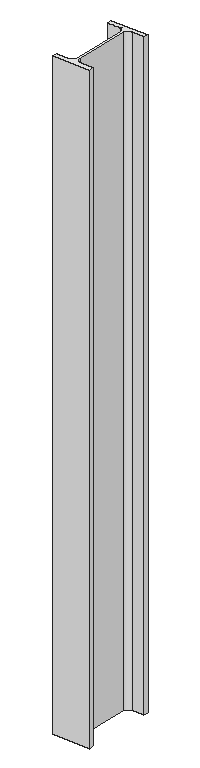
Revit family "I-기둥", category 구조 기둥, Revit 2026
Family settings
  단면 모양 = 정의되지 않음
  모델 동작 재료 = 스틸
  항상 형상으로 내보내기 = 아니오
  평면의 보 전환 = 경계 상자에서
  로드될 때 보이드를 사용하여 절단 = 아니오
  기호 표현 = 프로젝트 설정에서
  공유 = 아니오
  평면도에서 미리 절단된 패밀리 표시 = 예
Parameters (values of type "I300X65.5")
  Assembly Code = ""
  Structural Material [instance] = 금속 - 스틸 - 345 MPa
  A = 0.008 m²
  W = 0.64234
  bf = 150 mm
  d = 300 mm
  k = 38 mm
  kr = k - tf  # 19 mm
  tf = 19 mm
  tw = 10 mm
Reference planes
  plane 1: y = 0
  plane 2: z = 0
  plane 3: x = 0
  plane 4: x = -75
  plane 5: x = 75
  plane 6: y = 150
  plane 7: y = -150
  plane 8: x = -3.969
  plane 9: x = 3.969
Forms (mm)
  Extrusion 1, solid, material "금속 - 스틸 - 345 MPa" <- "Structural Material", detail levels medium
    sketch origin (0, 0, 0) x (1, 0, 0) y (0, 1, 0)
      loop
        line (-75, 150) -> (-75, 131) -> (-5, 131) -> (-5, -131) -> (-75, -131) -> (-75, -150) -> (75, -150) -> (75, -131) -> (5, -131) -> (5, 131) -> (75, 131) -> (75, 150) -> (-75, 150)
    from 0 to 2500
  Extrusion 2, solid, material "금속 - 스틸 - 345 MPa" <- "Structural Material", detail levels fine
    sketch origin (0, 0, 0) x (1, 0, 0) y (0, 1, 0)
      loop
        line (-75, 150) -> (-75, 131) -> (-24, 131)
        arc (-24, 131) -> (-10.565, 125.435) -> (-5, 112) r 19
        line (-5, 112) -> (-5, -112)
        arc (-5, -112) -> (-10.565, -125.435) -> (-24, -131) r 19
        line (-24, -131) -> (-75, -131) -> (-75, -150) -> (75, -150) -> (75, -131) -> (24, -131)
        arc (24, -131) -> (10.565, -125.435) -> (5, -112) r 19
        line (5, -112) -> (5, 112)
        arc (5, 112) -> (10.565, 125.435) -> (24, 131) r 19
        line (24, 131) -> (75, 131) -> (75, 150) -> (-75, 150)
    from 0 to 2500
Lines and regions (mm)
  symbolic lines, style "StructuralColumnStickSymbols", detail levels coarse
    curve 1: line (-75, 150, 0) -> (75, 150, 0)
    curve 2: line (-75, -150, 0) -> (75, -150, 0)
    curve 3: line (0, 150, 0) -> (0, -150, 0)
  symbolic lines, style "숨겨진 면", detail levels medium+fine
    curve 4: line (-3.969, 0, 0) -> (-3.969, 0, 2500)
    curve 5: line (3.969, 0, 2500) -> (3.969, 0, 0)
Dimensions and locks
  equal spacing: plane 4, plane 3, plane 5
  equal spacing: plane 7, plane 1, plane 6
  "d": plane 7 to plane 6
  "bf": plane 4 to plane 5
  "tf": plane 7 to Extrusion 1 sketch curve
  "tf": Extrusion 1 sketch curve to plane 6
  equal spacing: Extrusion 1 sketch curve, plane 3, Extrusion 1 sketch curve
  "tw": Extrusion 1 sketch curve to Extrusion 1 sketch curve
  "kr": radius of Extrusion 2 sketch curve  (x4)
  aligned and locked: plane 6 to Extrusion 1 sketch curve
  aligned and locked: Extrusion 1 sketch curve to plane 7
  aligned and locked: Extrusion 1 sketch curve to plane 4  (x2)
  aligned and locked: plane 5 to Extrusion 1 sketch curve  (x2)
  aligned and locked: Extrusion 1 sketch curve to Extrusion 1 sketch curve  (x2)
  aligned and locked: level to Extrusion 1
  aligned and locked: level to plane 2
  aligned and locked: Extrusion 1 to plane 2
  aligned and locked: plane 6 to Extrusion 2 sketch curve
  aligned and locked: plane 5 to Extrusion 2 sketch curve  (x2)
  aligned and locked: Extrusion 2 sketch curve to plane 4  (x2)
  aligned and locked: Extrusion 2 sketch curve to Extrusion 1  (x6)
  aligned and locked: Extrusion 2 sketch curve to plane 7
  aligned and locked: level to Extrusion 2
  aligned and locked: Extrusion 2 to level
Automatic sketch dimensions
  curve 2 to plane 4 = 0 mm
  curve 1 to plane 4 = 0 mm
  curve 3 to plane 3 = 0 mm
  curve 2 to plane 5 = 0 mm
  curve 1 to plane 5 = 0 mm
  curve 3 to plane 7 = 0 mm
  curve 3 to plane 6 = 0 mm
  curve 4 to level = 0 mm  (x2)
  curve 4 to plane 8 = 0 mm
  curve 5 to level = 0 mm  (x2)
  curve 5 to plane 9 = 0 mm
